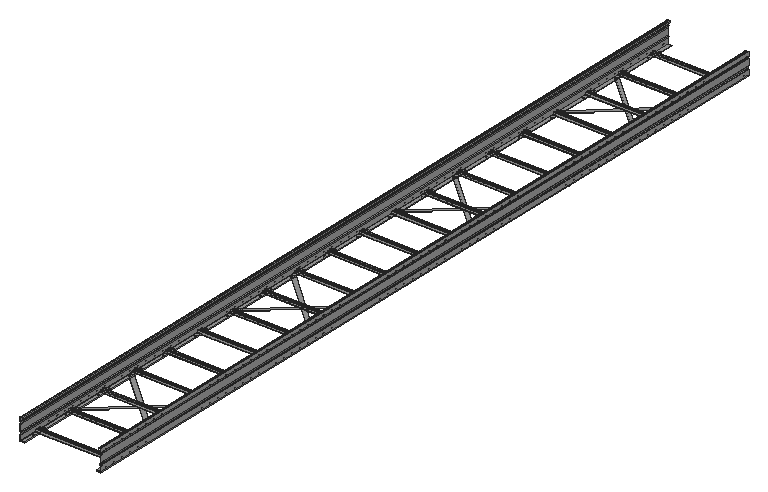
Revit family "WKLG 1660 03.09", category Generic Models, Revit 2017
Family settings
  Can host rebar = No
  Round Connector Dimension = Use Diameter
  Part Type = Normal
  Work Plane-Based = No
  Always vertical = Yes
  Cut with Voids When Loaded = No
  Shared = No
  Room Calculation Point = No
Parameters (values of type "WKLG 1660 FT SO")
  Width 1 = 600 mm / 2  # 300 mm
  Width = 600 mm
  URL = "http://www.obo-bettermann.com"
  Material = Hot-dip galvanised 85 µm
  Manufacturer Art.No. = "7189048"
  Manufacturer = "OBO Bettermann"
  Length = 6000 mm
  Height 1 = 2 mm
  Height = 160 mm
  GTIN = "4012195888581"
  Cut's space 3 = 1500 mm
  Cut's space 2 = 300 mm
  Cut's space = 75 mm
  Cut's number 3 = Length / Cut's space 3  # 4
  Cut's number 2 = Length / Cut's space 2  # 20
  Cut's number = Length / Cut's space  # 80
  Article Type = "WKLG 1660 FT SO"
Reference planes
  plane 1 "Center (Front/Back)": y = 0
  plane 2: z = 0
  plane 3 "Center (Left/Right)": x = 0
  plane 4: z = 160
  plane 5: z = 122
  plane 6: z = 52
  plane 7: z = 122
  plane 8: z = 52
  plane 9: z = 135.443
  plane 10: z = 110.964
  plane 11: z = 64.884
  plane 12: z = 139.96
  plane 13: z = 20
  plane 14: z = 159.96
  plane 15: y = 37.5
  plane 16: x = -272.683
  plane 17: x = -270.683
  plane 18: y = 150
  plane 19: y = 450
  plane 20: z = 18
  plane 21: y = 100
  plane 22: x = -282
  plane 23: x = -284.5
  plane 24: x = -284.5
  plane 25: x = -284.5
  plane 26: x = -284.5
  plane 27: x = -284.5
  plane 28: x = -284.5
  plane 29: x = -284.5
  plane 30: x = -284.5
  plane 31: x = -284.5
  plane 32: x = -284.5
  plane 33: x = -284.5
  plane 34: x = -284.5
  plane 35: x = -284.5
  plane 36: x = -284.5
  plane 37: x = -284.5
  plane 38: x = -284.5
  plane 39: x = -284.5
  plane 40: x = -284.5
  plane 41: x = -284.5
  plane 42: x = -284.5
  plane 43: y = 200
  plane 44: x = -284.493
  plane 45: x = -284.493
  plane 46: x = -284.493
  plane 47: x = -284.493
  plane 48: x = -284.493
  plane 49: x = -284.493
  plane 50: x = -284.493
  plane 51: x = -284.493
  plane 52: x = -284.493
  plane 53: x = -284.493
  plane 54: x = -284.493
  plane 55: x = -284.493
  plane 56: x = -284.493
  plane 57: x = -284.493
  plane 58: x = -284.493
  plane 59: x = -284.493
  plane 60: x = -284.493
  plane 61: x = -284.493
  plane 62: x = -284.493
  plane 63: x = -284.493
  plane 64: y = 100
  plane 65: x = 284.5
  plane 66: x = 284.5
  plane 67: x = 284.5
  plane 68: x = 284.5
  plane 69: x = 284.5
  plane 70: x = 284.5
  plane 71: x = 284.5
  plane 72: x = 284.5
  plane 73: x = 284.5
  plane 74: x = 284.5
  plane 75: x = 284.5
  plane 76: x = 284.5
  plane 77: x = 284.5
  plane 78: x = 284.5
  plane 79: x = 284.5
  plane 80: x = 284.5
  plane 81: x = 284.5
  plane 82: x = 284.5
  plane 83: x = 284.5
  plane 84: x = 284.5
  plane 85: y = 200
  plane 86: x = 284.5
  plane 87: x = 284.5
  plane 88: x = 284.5
  plane 89: x = 284.5
  plane 90: x = 284.5
  plane 91: x = 284.5
  plane 92: x = 284.5
  plane 93: x = 284.5
  plane 94: x = 284.5
  plane 95: x = 284.5
  plane 96: x = 284.5
  plane 97: x = 284.5
  plane 98: x = 284.5
  plane 99: x = 284.5
  plane 100: x = 284.5
  plane 101: x = 284.5
  plane 102: x = 284.5
  plane 103: x = 284.5
  plane 104: x = 284.5
  plane 105: x = 284.5
  plane 106: x = -287.5
  plane 107: x = -257.5
  plane 108: x = 287.5
  plane 109: x = 257.5
  plane 110: x = -284.75
  plane 111: x = -254
  plane 112: x = 261
  plane 113: x = 290.21
  plane 114: z = 18
  plane 115: x = -257.5
  plane 116: x = 287.5
  plane 117: x = 257.5
  plane 118: x = -284.75
  plane 119: x = -254
  plane 120: x = 261
  plane 121: x = 290.21
  plane 122: z = 18
  plane 123: x = -257.5
  plane 124: x = 287.5
  plane 125: x = 257.5
  plane 126: x = -284.75
  plane 127: x = -254
  plane 128: x = 261
  plane 129: x = 290.21
  plane 130: z = 18
  plane 131: x = -257.5
  plane 132: x = 287.5
  plane 133: x = 257.5
  plane 134: x = -284.75
  plane 135: x = -254
  plane 136: x = 261
  plane 137: x = 290.21
  plane 138: z = 18
  plane 139: x = -257.5
  plane 140: x = 287.5
  plane 141: x = 257.5
  plane 142: x = -284.75
  plane 143: x = -254
  plane 144: x = 261
  plane 145: x = 290.21
  plane 146: z = 18
  plane 147: x = -257.5
  plane 148: x = 287.5
  plane 149: x = 257.5
  plane 150: x = -284.75
  plane 151: x = -254
  plane 152: x = 261
  plane 153: x = 290.21
  plane 154: z = 18
  plane 155: x = -257.5
  plane 156: x = 287.5
  plane 157: x = 257.5
  plane 158: x = -284.75
  plane 159: x = -254
  plane 160: x = 261
  plane 161: x = 290.21
  plane 162: z = 18
  plane 163: x = -257.5
  plane 164: x = 287.5
  plane 165: x = 257.5
  plane 166: x = -284.75
  plane 167: x = -254
  plane 168: x = 261
  plane 169: x = 290.21
  plane 170: z = 18
  plane 171: x = -257.5
  plane 172: x = 287.5
  plane 173: x = 257.5
  plane 174: x = -284.75
  plane 175: x = -254
  plane 176: x = 261
  plane 177: x = 290.21
  plane 178: z = 18
  plane 179: x = -257.5
  plane 180: x = 287.5
  plane 181: x = 257.5
  plane 182: x = -284.75
  plane 183: x = -254
  plane 184: x = 261
  plane 185: x = 290.21
  plane 186: z = 18
  plane 187: x = -257.5
  plane 188: x = 287.5
  plane 189: x = 257.5
  plane 190: x = -284.75
  plane 191: x = -254
  plane 192: x = 261
  plane 193: x = 290.21
  plane 194: z = 18
  plane 195: x = -257.5
  plane 196: x = 287.5
  plane 197: x = 257.5
  plane 198: x = -284.75
  plane 199: x = -254
  plane 200: x = 261
  plane 201: x = 290.21
  plane 202: z = 18
  plane 203: x = -257.5
  plane 204: x = 287.5
  plane 205: x = 257.5
  plane 206: x = -284.75
  plane 207: x = -254
  plane 208: x = 261
  plane 209: x = 290.21
  plane 210: z = 18
  plane 211: x = -257.5
  plane 212: x = 287.5
  plane 213: x = 257.5
  plane 214: x = -284.75
  plane 215: x = -254
  plane 216: x = 261
  plane 217: x = 290.21
  plane 218: z = 18
  plane 219: x = -257.5
  plane 220: x = 287.5
  plane 221: x = 257.5
  plane 222: x = -284.75
  plane 223: x = -254
  plane 224: x = 261
  plane 225: x = 290.21
  plane 226: z = 18
  plane 227: x = -257.5
  plane 228: x = 287.5
  plane 229: x = 257.5
  plane 230: x = -284.75
  plane 231: x = -254
  plane 232: x = 261
  plane 233: x = 290.21
  plane 234: z = 18
  plane 235: x = -257.5
  plane 236: x = 287.5
  plane 237: x = 257.5
  plane 238: x = -284.75
  plane 239: x = -254
  plane 240: x = 261
  plane 241: x = 290.21
  plane 242: z = 18
  plane 243: x = -257.5
  plane 244: x = 287.5
  plane 245: x = 257.5
  plane 246: x = -284.75
  plane 247: x = -254
  plane 248: x = 261
  plane 249: x = 290.21
  plane 250: z = 18
  plane 251: x = -257.5
  plane 252: x = 287.5
  plane 253: x = 257.5
  plane 254: x = -284.75
  plane 255: x = -254
  plane 256: x = 261
  plane 257: x = 290.21
  plane 258: z = 18
  plane 259: x = -257.5
  plane 260: x = 287.5
  plane 261: x = 257.5
  plane 262: x = -284.75
  plane 263: x = -254
  plane 264: x = 261
  plane 265: x = 290.21
  plane 266: z = 18
  plane 267: x = -257.5
  plane 268: x = 287.5
  plane 269: x = 257.5
  plane 270: x = -284.75
  plane 271: x = -254
  plane 272: x = 261
  plane 273: x = 290.21
Forms (mm)
  Extrusion 1, solid, material "Hot-dip galvanised 85 µm" <- "Material"
    sketch origin (0, 0, 0) x (1, 0, 0) y (0, 0, 1)
      loop
        line (-300, 158.5) -> (-300, 133.943)
        arc (-300, 133.943) -> (-299.953, 133.511) -> (-299.813, 133.098) r 2
        line (-299.813, 133.098) -> (-295.831, 124.56)
        arc (-295.831, 124.56) -> (-295.363, 122.491) -> (-295.795, 120.413) r 5
        line (-295.795, 120.413) -> (-299.827, 111.357)
        arc (-299.827, 111.357) -> (-299.956, 110.959) -> (-300, 110.544) r 2
        line (-300, 110.544) -> (-300, 65.327)
        arc (-300, 65.327) -> (-299.953, 64.894) -> (-299.813, 64.482) r 2
        line (-299.813, 64.482) -> (-295.092, 54.359)
        arc (-295.092, 54.359) -> (-294.628, 52.028) -> (-295.294, 49.746) r 5
        line (-295.294, 49.746) -> (-299.732, 42.058)
        arc (-299.732, 42.058) -> (-299.932, 41.576) -> (-300, 41.058) r 2
        line (-300, 41.058) -> (-300, 1.5)
        arc (-300, 1.5) -> (-299.561, 0.439) -> (-298.5, 0) r 1.5
        line (-298.5, 0) -> (-265, 0) -> (-265, 2) -> (-296.5, 2)
        arc (-296.5, 2) -> (-297.561, 2.439) -> (-298, 3.5) r 1.5
        line (-298, 3.5) -> (-298, 40.522)
        arc (-298, 40.522) -> (-297.932, 41.04) -> (-297.732, 41.522) r 2
        line (-297.732, 41.522) -> (-293.561, 48.746)
        arc (-293.561, 48.746) -> (-292.63, 51.941) -> (-293.28, 55.204) r 7
        line (-293.28, 55.204) -> (-297.813, 64.925)
        arc (-297.813, 64.925) -> (-297.953, 65.338) -> (-298, 65.771) r 2
        line (-298, 65.771) -> (-298, 110.119)
        arc (-298, 110.119) -> (-297.956, 110.534) -> (-297.827, 110.932) r 2
        line (-297.827, 110.932) -> (-293.968, 119.6)
        arc (-293.968, 119.6) -> (-293.363, 122.508) -> (-294.019, 125.405) r 7
        line (-294.019, 125.405) -> (-297.813, 133.542)
        arc (-297.813, 133.542) -> (-297.953, 133.954) -> (-298, 134.387) r 2
        line (-298, 134.387) -> (-298, 156.5)
        arc (-298, 156.5) -> (-297.561, 157.561) -> (-296.5, 158) r 1.5
        line (-296.5, 158) -> (-283.5, 158)
        arc (-283.5, 158) -> (-282.439, 157.561) -> (-282, 156.5) r 1.5
        line (-282, 156.5) -> (-282, 150) -> (-280, 150) -> (-280, 158.5)
        arc (-280, 158.5) -> (-280.439, 159.561) -> (-281.5, 160) r 1.5
        line (-281.5, 160) -> (-298.5, 160)
        arc (-298.5, 160) -> (-299.561, 159.561) -> (-300, 158.5) r 1.5
      loop
        arc (282, 156.5) -> (282.439, 157.561) -> (283.5, 158) r 1.5
        line (283.5, 158) -> (296.5, 158)
        arc (296.5, 158) -> (297.561, 157.561) -> (298, 156.5) r 1.5
        line (298, 156.5) -> (298, 128.971)
        arc (298, 128.971) -> (297.932, 128.453) -> (297.732, 127.971) r 2
        line (297.732, 127.971) -> (296.208, 125.331)
        arc (296.208, 125.331) -> (295.271, 121.979) -> (296.065, 118.591) r 7
        line (296.065, 118.591) -> (297.773, 115.319)
        arc (297.773, 115.319) -> (297.942, 114.87) -> (298, 114.393) r 2
        line (298, 114.393) -> (298, 64.884)
        arc (298, 64.884) -> (297.953, 64.451) -> (297.813, 64.039) r 2
        line (297.813, 64.039) -> (293.693, 55.204)
        arc (293.693, 55.204) -> (293.044, 51.941) -> (293.975, 48.746) r 7
        line (293.975, 48.746) -> (297.732, 42.238)
        arc (297.732, 42.238) -> (297.932, 41.756) -> (298, 41.238) r 2
        line (298, 41.238) -> (298, 3.5)
        arc (298, 3.5) -> (297.561, 2.439) -> (296.5, 2) r 1.5
        line (296.5, 2) -> (265, 2) -> (265, 0) -> (298.5, 0)
        arc (298.5, 0) -> (299.561, 0.439) -> (300, 1.5) r 1.5
        line (300, 1.5) -> (300, 41.774)
        arc (300, 41.774) -> (299.932, 42.292) -> (299.732, 42.774) r 2
        line (299.732, 42.774) -> (295.707, 49.746)
        arc (295.707, 49.746) -> (295.042, 52.028) -> (295.506, 54.359) r 5
        line (295.506, 54.359) -> (299.813, 63.595)
        arc (299.813, 63.595) -> (299.953, 64.008) -> (300, 64.441) r 2
        line (300, 64.441) -> (300, 114.884)
        arc (300, 114.884) -> (299.942, 115.36) -> (299.773, 115.81) r 2
        line (299.773, 115.81) -> (297.838, 119.516)
        arc (297.838, 119.516) -> (297.271, 121.937) -> (297.94, 124.331) r 5
        line (297.94, 124.331) -> (299.732, 127.435)
        arc (299.732, 127.435) -> (299.932, 127.917) -> (300, 128.435) r 2
        line (300, 128.435) -> (300, 158.5)
        arc (300, 158.5) -> (299.561, 159.561) -> (298.5, 160) r 1.5
        line (298.5, 160) -> (281.5, 160)
        arc (281.5, 160) -> (280.439, 159.561) -> (280, 158.5) r 1.5
        line (280, 158.5) -> (280, 150) -> (282, 150) -> (282, 156.5)
    from -6000 to 0
  Extrusion 2, void
    sketch origin (0, 0, -120) x (0, 1, 0) y (0, 0, 1)
      loop
        line (49.5, 144.46) -> (25.5, 144.46)
        arc (25.5, 144.46) -> (25.146, 144.314) -> (25, 143.96) r 0.5
        line (25, 143.96) -> (25, 135.96)
        arc (25, 135.96) -> (25.146, 135.607) -> (25.5, 135.46) r 0.5
        line (25.5, 135.46) -> (49.5, 135.46)
        arc (49.5, 135.46) -> (49.854, 135.607) -> (50, 135.96) r 0.5
        line (50, 135.96) -> (50, 143.96)
        arc (50, 143.96) -> (49.854, 144.314) -> (49.5, 144.46) r 0.5
    from -300 to -298
  Extrusion 3, void
    sketch origin (0, 75, -120) x (0, 1, 0) y (0, 0, 1)
      loop
        line (49.5, 144.46) -> (25.5, 144.46)
        arc (25.5, 144.46) -> (25.146, 144.314) -> (25, 143.96) r 0.5
        line (25, 143.96) -> (25, 135.96)
        arc (25, 135.96) -> (25.146, 135.607) -> (25.5, 135.46) r 0.5
        line (25.5, 135.46) -> (49.5, 135.46)
        arc (49.5, 135.46) -> (49.854, 135.607) -> (50, 135.96) r 0.5
        line (50, 135.96) -> (50, 143.96)
        arc (50, 143.96) -> (49.854, 144.314) -> (49.5, 144.46) r 0.5
    from -300 to -298
  Extrusion 4, void
    sketch origin (0, 150, -120) x (0, 1, 0) y (0, 0, 1)
      loop
        line (49.5, 144.46) -> (25.5, 144.46)
        arc (25.5, 144.46) -> (25.146, 144.314) -> (25, 143.96) r 0.5
        line (25, 143.96) -> (25, 135.96)
        arc (25, 135.96) -> (25.146, 135.607) -> (25.5, 135.46) r 0.5
        line (25.5, 135.46) -> (49.5, 135.46)
        arc (49.5, 135.46) -> (49.854, 135.607) -> (50, 135.96) r 0.5
        line (50, 135.96) -> (50, 143.96)
        arc (50, 143.96) -> (49.854, 144.314) -> (49.5, 144.46) r 0.5
    from -300 to -298
  Extrusion 5, void
    sketch origin (0, 225, -120) x (0, 1, 0) y (0, 0, 1)
      loop
        line (49.5, 144.46) -> (25.5, 144.46)
        arc (25.5, 144.46) -> (25.146, 144.314) -> (25, 143.96) r 0.5
        line (25, 143.96) -> (25, 135.96)
        arc (25, 135.96) -> (25.146, 135.607) -> (25.5, 135.46) r 0.5
        line (25.5, 135.46) -> (49.5, 135.46)
        arc (49.5, 135.46) -> (49.854, 135.607) -> (50, 135.96) r 0.5
        line (50, 135.96) -> (50, 143.96)
        arc (50, 143.96) -> (49.854, 144.314) -> (49.5, 144.46) r 0.5
    from -300 to -298
  Extrusion 6, void
    sketch origin (0, 300, -120) x (0, 1, 0) y (0, 0, 1)
      loop
        line (49.5, 144.46) -> (25.5, 144.46)
        arc (25.5, 144.46) -> (25.146, 144.314) -> (25, 143.96) r 0.5
        line (25, 143.96) -> (25, 135.96)
        arc (25, 135.96) -> (25.146, 135.607) -> (25.5, 135.46) r 0.5
        line (25.5, 135.46) -> (49.5, 135.46)
        arc (49.5, 135.46) -> (49.854, 135.607) -> (50, 135.96) r 0.5
        line (50, 135.96) -> (50, 143.96)
        arc (50, 143.96) -> (49.854, 144.314) -> (49.5, 144.46) r 0.5
    from -300 to -298
  Extrusion 7, void
    sketch origin (0, 375, -120) x (0, 1, 0) y (0, 0, 1)
      loop
        line (49.5, 144.46) -> (25.5, 144.46)
        arc (25.5, 144.46) -> (25.146, 144.314) -> (25, 143.96) r 0.5
        line (25, 143.96) -> (25, 135.96)
        arc (25, 135.96) -> (25.146, 135.607) -> (25.5, 135.46) r 0.5
        line (25.5, 135.46) -> (49.5, 135.46)
        arc (49.5, 135.46) -> (49.854, 135.607) -> (50, 135.96) r 0.5
        line (50, 135.96) -> (50, 143.96)
        arc (50, 143.96) -> (49.854, 144.314) -> (49.5, 144.46) r 0.5
    from -300 to -298
  Extrusion 8, void
    sketch origin (0, 450, -120) x (0, 1, 0) y (0, 0, 1)
      loop
        line (49.5, 144.46) -> (25.5, 144.46)
        arc (25.5, 144.46) -> (25.146, 144.314) -> (25, 143.96) r 0.5
        line (25, 143.96) -> (25, 135.96)
        arc (25, 135.96) -> (25.146, 135.607) -> (25.5, 135.46) r 0.5
        line (25.5, 135.46) -> (49.5, 135.46)
        arc (49.5, 135.46) -> (49.854, 135.607) -> (50, 135.96) r 0.5
        line (50, 135.96) -> (50, 143.96)
        arc (50, 143.96) -> (49.854, 144.314) -> (49.5, 144.46) r 0.5
    from -300 to -298
  Extrusion 9, void
    sketch origin (0, 525, -120) x (0, 1, 0) y (0, 0, 1)
      loop
        line (49.5, 144.46) -> (25.5, 144.46)
        arc (25.5, 144.46) -> (25.146, 144.314) -> (25, 143.96) r 0.5
        line (25, 143.96) -> (25, 135.96)
        arc (25, 135.96) -> (25.146, 135.607) -> (25.5, 135.46) r 0.5
        line (25.5, 135.46) -> (49.5, 135.46)
        arc (49.5, 135.46) -> (49.854, 135.607) -> (50, 135.96) r 0.5
        line (50, 135.96) -> (50, 143.96)
        arc (50, 143.96) -> (49.854, 144.314) -> (49.5, 144.46) r 0.5
    from -300 to -298
  Extrusion 10, void
    sketch origin (0, 600, -120) x (0, 1, 0) y (0, 0, 1)
      loop
        line (49.5, 144.46) -> (25.5, 144.46)
        arc (25.5, 144.46) -> (25.146, 144.314) -> (25, 143.96) r 0.5
        line (25, 143.96) -> (25, 135.96)
        arc (25, 135.96) -> (25.146, 135.607) -> (25.5, 135.46) r 0.5
        line (25.5, 135.46) -> (49.5, 135.46)
        arc (49.5, 135.46) -> (49.854, 135.607) -> (50, 135.96) r 0.5
        line (50, 135.96) -> (50, 143.96)
        arc (50, 143.96) -> (49.854, 144.314) -> (49.5, 144.46) r 0.5
    from -300 to -298
  Extrusion 11, void
    sketch origin (0, 675, -120) x (0, 1, 0) y (0, 0, 1)
      loop
        line (49.5, 144.46) -> (25.5, 144.46)
        arc (25.5, 144.46) -> (25.146, 144.314) -> (25, 143.96) r 0.5
        line (25, 143.96) -> (25, 135.96)
        arc (25, 135.96) -> (25.146, 135.607) -> (25.5, 135.46) r 0.5
        line (25.5, 135.46) -> (49.5, 135.46)
        arc (49.5, 135.46) -> (49.854, 135.607) -> (50, 135.96) r 0.5
        line (50, 135.96) -> (50, 143.96)
        arc (50, 143.96) -> (49.854, 144.314) -> (49.5, 144.46) r 0.5
    from -300 to -298
  Extrusion 12, void
    sketch origin (0, 750, -120) x (0, 1, 0) y (0, 0, 1)
      loop
        line (49.5, 144.46) -> (25.5, 144.46)
        arc (25.5, 144.46) -> (25.146, 144.314) -> (25, 143.96) r 0.5
        line (25, 143.96) -> (25, 135.96)
        arc (25, 135.96) -> (25.146, 135.607) -> (25.5, 135.46) r 0.5
        line (25.5, 135.46) -> (49.5, 135.46)
        arc (49.5, 135.46) -> (49.854, 135.607) -> (50, 135.96) r 0.5
        line (50, 135.96) -> (50, 143.96)
        arc (50, 143.96) -> (49.854, 144.314) -> (49.5, 144.46) r 0.5
    from -300 to -298
  Extrusion 13, void
    sketch origin (0, 825, -120) x (0, 1, 0) y (0, 0, 1)
      loop
        line (49.5, 144.46) -> (25.5, 144.46)
        arc (25.5, 144.46) -> (25.146, 144.314) -> (25, 143.96) r 0.5
        line (25, 143.96) -> (25, 135.96)
        arc (25, 135.96) -> (25.146, 135.607) -> (25.5, 135.46) r 0.5
        line (25.5, 135.46) -> (49.5, 135.46)
        arc (49.5, 135.46) -> (49.854, 135.607) -> (50, 135.96) r 0.5
        line (50, 135.96) -> (50, 143.96)
        arc (50, 143.96) -> (49.854, 144.314) -> (49.5, 144.46) r 0.5
    from -300 to -298
  Extrusion 14, void
    sketch origin (0, 900, -120) x (0, 1, 0) y (0, 0, 1)
      loop
        line (49.5, 144.46) -> (25.5, 144.46)
        arc (25.5, 144.46) -> (25.146, 144.314) -> (25, 143.96) r 0.5
        line (25, 143.96) -> (25, 135.96)
        arc (25, 135.96) -> (25.146, 135.607) -> (25.5, 135.46) r 0.5
        line (25.5, 135.46) -> (49.5, 135.46)
        arc (49.5, 135.46) -> (49.854, 135.607) -> (50, 135.96) r 0.5
        line (50, 135.96) -> (50, 143.96)
        arc (50, 143.96) -> (49.854, 144.314) -> (49.5, 144.46) r 0.5
    from -300 to -298
  Extrusion 15, void
    sketch origin (0, 975, -120) x (0, 1, 0) y (0, 0, 1)
      loop
        line (49.5, 144.46) -> (25.5, 144.46)
        arc (25.5, 144.46) -> (25.146, 144.314) -> (25, 143.96) r 0.5
        line (25, 143.96) -> (25, 135.96)
        arc (25, 135.96) -> (25.146, 135.607) -> (25.5, 135.46) r 0.5
        line (25.5, 135.46) -> (49.5, 135.46)
        arc (49.5, 135.46) -> (49.854, 135.607) -> (50, 135.96) r 0.5
        line (50, 135.96) -> (50, 143.96)
        arc (50, 143.96) -> (49.854, 144.314) -> (49.5, 144.46) r 0.5
    from -300 to -298
  Extrusion 16, void
    sketch origin (0, 1050, -120) x (0, 1, 0) y (0, 0, 1)
      loop
        line (49.5, 144.46) -> (25.5, 144.46)
        arc (25.5, 144.46) -> (25.146, 144.314) -> (25, 143.96) r 0.5
        line (25, 143.96) -> (25, 135.96)
        arc (25, 135.96) -> (25.146, 135.607) -> (25.5, 135.46) r 0.5
        line (25.5, 135.46) -> (49.5, 135.46)
        arc (49.5, 135.46) -> (49.854, 135.607) -> (50, 135.96) r 0.5
        line (50, 135.96) -> (50, 143.96)
        arc (50, 143.96) -> (49.854, 144.314) -> (49.5, 144.46) r 0.5
    from -300 to -298
  Extrusion 17, void
    sketch origin (0, 1125, -120) x (0, 1, 0) y (0, 0, 1)
      loop
        line (49.5, 144.46) -> (25.5, 144.46)
        arc (25.5, 144.46) -> (25.146, 144.314) -> (25, 143.96) r 0.5
        line (25, 143.96) -> (25, 135.96)
        arc (25, 135.96) -> (25.146, 135.607) -> (25.5, 135.46) r 0.5
        line (25.5, 135.46) -> (49.5, 135.46)
        arc (49.5, 135.46) -> (49.854, 135.607) -> (50, 135.96) r 0.5
        line (50, 135.96) -> (50, 143.96)
        arc (50, 143.96) -> (49.854, 144.314) -> (49.5, 144.46) r 0.5
    from -300 to -298
  Extrusion 18, void
    sketch origin (0, 1200, -120) x (0, 1, 0) y (0, 0, 1)
      loop
        line (49.5, 144.46) -> (25.5, 144.46)
        arc (25.5, 144.46) -> (25.146, 144.314) -> (25, 143.96) r 0.5
        line (25, 143.96) -> (25, 135.96)
        arc (25, 135.96) -> (25.146, 135.607) -> (25.5, 135.46) r 0.5
        line (25.5, 135.46) -> (49.5, 135.46)
        arc (49.5, 135.46) -> (49.854, 135.607) -> (50, 135.96) r 0.5
        line (50, 135.96) -> (50, 143.96)
        arc (50, 143.96) -> (49.854, 144.314) -> (49.5, 144.46) r 0.5
    from -300 to -298
  Extrusion 19, void
    sketch origin (0, 1275, -120) x (0, 1, 0) y (0, 0, 1)
      loop
        line (49.5, 144.46) -> (25.5, 144.46)
        arc (25.5, 144.46) -> (25.146, 144.314) -> (25, 143.96) r 0.5
        line (25, 143.96) -> (25, 135.96)
        arc (25, 135.96) -> (25.146, 135.607) -> (25.5, 135.46) r 0.5
        line (25.5, 135.46) -> (49.5, 135.46)
        arc (49.5, 135.46) -> (49.854, 135.607) -> (50, 135.96) r 0.5
        line (50, 135.96) -> (50, 143.96)
        arc (50, 143.96) -> (49.854, 144.314) -> (49.5, 144.46) r 0.5
    from -300 to -298
  Extrusion 20, void
    sketch origin (0, 1350, -120) x (0, 1, 0) y (0, 0, 1)
      loop
        line (49.5, 144.46) -> (25.5, 144.46)
        arc (25.5, 144.46) -> (25.146, 144.314) -> (25, 143.96) r 0.5
        line (25, 143.96) -> (25, 135.96)
        arc (25, 135.96) -> (25.146, 135.607) -> (25.5, 135.46) r 0.5
        line (25.5, 135.46) -> (49.5, 135.46)
        arc (49.5, 135.46) -> (49.854, 135.607) -> (50, 135.96) r 0.5
        line (50, 135.96) -> (50, 143.96)
        arc (50, 143.96) -> (49.854, 144.314) -> (49.5, 144.46) r 0.5
    from -300 to -298
  Extrusion 21, void
    sketch origin (0, 1425, -120) x (0, 1, 0) y (0, 0, 1)
      loop
        line (49.5, 144.46) -> (25.5, 144.46)
        arc (25.5, 144.46) -> (25.146, 144.314) -> (25, 143.96) r 0.5
        line (25, 143.96) -> (25, 135.96)
        arc (25, 135.96) -> (25.146, 135.607) -> (25.5, 135.46) r 0.5
        line (25.5, 135.46) -> (49.5, 135.46)
        arc (49.5, 135.46) -> (49.854, 135.607) -> (50, 135.96) r 0.5
        line (50, 135.96) -> (50, 143.96)
        arc (50, 143.96) -> (49.854, 144.314) -> (49.5, 144.46) r 0.5
    from -300 to -298
  Extrusion 22, void
    sketch origin (0, 1500, -120) x (0, 1, 0) y (0, 0, 1)
      loop
        line (49.5, 144.46) -> (25.5, 144.46)
        arc (25.5, 144.46) -> (25.146, 144.314) -> (25, 143.96) r 0.5
        line (25, 143.96) -> (25, 135.96)
        arc (25, 135.96) -> (25.146, 135.607) -> (25.5, 135.46) r 0.5
        line (25.5, 135.46) -> (49.5, 135.46)
        arc (49.5, 135.46) -> (49.854, 135.607) -> (50, 135.96) r 0.5
        line (50, 135.96) -> (50, 143.96)
        arc (50, 143.96) -> (49.854, 144.314) -> (49.5, 144.46) r 0.5
    from -300 to -298
  Extrusion 23, void
    sketch origin (0, 1575, -120) x (0, 1, 0) y (0, 0, 1)
      loop
        line (49.5, 144.46) -> (25.5, 144.46)
        arc (25.5, 144.46) -> (25.146, 144.314) -> (25, 143.96) r 0.5
        line (25, 143.96) -> (25, 135.96)
        arc (25, 135.96) -> (25.146, 135.607) -> (25.5, 135.46) r 0.5
        line (25.5, 135.46) -> (49.5, 135.46)
        arc (49.5, 135.46) -> (49.854, 135.607) -> (50, 135.96) r 0.5
        line (50, 135.96) -> (50, 143.96)
        arc (50, 143.96) -> (49.854, 144.314) -> (49.5, 144.46) r 0.5
    from -300 to -298
  Extrusion 24, void
    sketch origin (0, 1650, -120) x (0, 1, 0) y (0, 0, 1)
      loop
        line (49.5, 144.46) -> (25.5, 144.46)
        arc (25.5, 144.46) -> (25.146, 144.314) -> (25, 143.96) r 0.5
        line (25, 143.96) -> (25, 135.96)
        arc (25, 135.96) -> (25.146, 135.607) -> (25.5, 135.46) r 0.5
        line (25.5, 135.46) -> (49.5, 135.46)
        arc (49.5, 135.46) -> (49.854, 135.607) -> (50, 135.96) r 0.5
        line (50, 135.96) -> (50, 143.96)
        arc (50, 143.96) -> (49.854, 144.314) -> (49.5, 144.46) r 0.5
    from -300 to -298
  Extrusion 25, void
    sketch origin (0, 1725, -120) x (0, 1, 0) y (0, 0, 1)
      loop
        line (49.5, 144.46) -> (25.5, 144.46)
        arc (25.5, 144.46) -> (25.146, 144.314) -> (25, 143.96) r 0.5
        line (25, 143.96) -> (25, 135.96)
        arc (25, 135.96) -> (25.146, 135.607) -> (25.5, 135.46) r 0.5
        line (25.5, 135.46) -> (49.5, 135.46)
        arc (49.5, 135.46) -> (49.854, 135.607) -> (50, 135.96) r 0.5
        line (50, 135.96) -> (50, 143.96)
        arc (50, 143.96) -> (49.854, 144.314) -> (49.5, 144.46) r 0.5
    from -300 to -298
  Extrusion 26, void
    sketch origin (0, 1800, -120) x (0, 1, 0) y (0, 0, 1)
      loop
        line (49.5, 144.46) -> (25.5, 144.46)
        arc (25.5, 144.46) -> (25.146, 144.314) -> (25, 143.96) r 0.5
        line (25, 143.96) -> (25, 135.96)
        arc (25, 135.96) -> (25.146, 135.607) -> (25.5, 135.46) r 0.5
        line (25.5, 135.46) -> (49.5, 135.46)
        arc (49.5, 135.46) -> (49.854, 135.607) -> (50, 135.96) r 0.5
        line (50, 135.96) -> (50, 143.96)
        arc (50, 143.96) -> (49.854, 144.314) -> (49.5, 144.46) r 0.5
    from -300 to -298
  Extrusion 27, void
    sketch origin (0, 1875, -120) x (0, 1, 0) y (0, 0, 1)
      loop
        line (49.5, 144.46) -> (25.5, 144.46)
        arc (25.5, 144.46) -> (25.146, 144.314) -> (25, 143.96) r 0.5
        line (25, 143.96) -> (25, 135.96)
        arc (25, 135.96) -> (25.146, 135.607) -> (25.5, 135.46) r 0.5
        line (25.5, 135.46) -> (49.5, 135.46)
        arc (49.5, 135.46) -> (49.854, 135.607) -> (50, 135.96) r 0.5
        line (50, 135.96) -> (50, 143.96)
        arc (50, 143.96) -> (49.854, 144.314) -> (49.5, 144.46) r 0.5
    from -300 to -298
  Extrusion 28, void
    sketch origin (0, 1950, -120) x (0, 1, 0) y (0, 0, 1)
      loop
        line (49.5, 144.46) -> (25.5, 144.46)
        arc (25.5, 144.46) -> (25.146, 144.314) -> (25, 143.96) r 0.5
        line (25, 143.96) -> (25, 135.96)
        arc (25, 135.96) -> (25.146, 135.607) -> (25.5, 135.46) r 0.5
        line (25.5, 135.46) -> (49.5, 135.46)
        arc (49.5, 135.46) -> (49.854, 135.607) -> (50, 135.96) r 0.5
        line (50, 135.96) -> (50, 143.96)
        arc (50, 143.96) -> (49.854, 144.314) -> (49.5, 144.46) r 0.5
    from -300 to -298
  Extrusion 29, void
    sketch origin (0, 2025, -120) x (0, 1, 0) y (0, 0, 1)
      loop
        line (49.5, 144.46) -> (25.5, 144.46)
        arc (25.5, 144.46) -> (25.146, 144.314) -> (25, 143.96) r 0.5
        line (25, 143.96) -> (25, 135.96)
        arc (25, 135.96) -> (25.146, 135.607) -> (25.5, 135.46) r 0.5
        line (25.5, 135.46) -> (49.5, 135.46)
        arc (49.5, 135.46) -> (49.854, 135.607) -> (50, 135.96) r 0.5
        line (50, 135.96) -> (50, 143.96)
        arc (50, 143.96) -> (49.854, 144.314) -> (49.5, 144.46) r 0.5
    from -300 to -298
  Extrusion 30, void
    sketch origin (0, 2100, -120) x (0, 1, 0) y (0, 0, 1)
      loop
        line (49.5, 144.46) -> (25.5, 144.46)
        arc (25.5, 144.46) -> (25.146, 144.314) -> (25, 143.96) r 0.5
        line (25, 143.96) -> (25, 135.96)
        arc (25, 135.96) -> (25.146, 135.607) -> (25.5, 135.46) r 0.5
        line (25.5, 135.46) -> (49.5, 135.46)
        arc (49.5, 135.46) -> (49.854, 135.607) -> (50, 135.96) r 0.5
        line (50, 135.96) -> (50, 143.96)
        arc (50, 143.96) -> (49.854, 144.314) -> (49.5, 144.46) r 0.5
    from -300 to -298
  Extrusion 31, void
    sketch origin (0, 2175, -120) x (0, 1, 0) y (0, 0, 1)
      loop
        line (49.5, 144.46) -> (25.5, 144.46)
        arc (25.5, 144.46) -> (25.146, 144.314) -> (25, 143.96) r 0.5
        line (25, 143.96) -> (25, 135.96)
        arc (25, 135.96) -> (25.146, 135.607) -> (25.5, 135.46) r 0.5
        line (25.5, 135.46) -> (49.5, 135.46)
        arc (49.5, 135.46) -> (49.854, 135.607) -> (50, 135.96) r 0.5
        line (50, 135.96) -> (50, 143.96)
        arc (50, 143.96) -> (49.854, 144.314) -> (49.5, 144.46) r 0.5
    from -300 to -298
  Extrusion 32, void
    sketch origin (0, 2250, -120) x (0, 1, 0) y (0, 0, 1)
      loop
        line (49.5, 144.46) -> (25.5, 144.46)
        arc (25.5, 144.46) -> (25.146, 144.314) -> (25, 143.96) r 0.5
        line (25, 143.96) -> (25, 135.96)
        arc (25, 135.96) -> (25.146, 135.607) -> (25.5, 135.46) r 0.5
        line (25.5, 135.46) -> (49.5, 135.46)
        arc (49.5, 135.46) -> (49.854, 135.607) -> (50, 135.96) r 0.5
        line (50, 135.96) -> (50, 143.96)
        arc (50, 143.96) -> (49.854, 144.314) -> (49.5, 144.46) r 0.5
    from -300 to -298
  Extrusion 33, void
    sketch origin (0, 2325, -120) x (0, 1, 0) y (0, 0, 1)
      loop
        line (49.5, 144.46) -> (25.5, 144.46)
        arc (25.5, 144.46) -> (25.146, 144.314) -> (25, 143.96) r 0.5
        line (25, 143.96) -> (25, 135.96)
        arc (25, 135.96) -> (25.146, 135.607) -> (25.5, 135.46) r 0.5
        line (25.5, 135.46) -> (49.5, 135.46)
        arc (49.5, 135.46) -> (49.854, 135.607) -> (50, 135.96) r 0.5
        line (50, 135.96) -> (50, 143.96)
        arc (50, 143.96) -> (49.854, 144.314) -> (49.5, 144.46) r 0.5
    from -300 to -298
  Extrusion 34, void
    sketch origin (0, 2400, -120) x (0, 1, 0) y (0, 0, 1)
      loop
        line (49.5, 144.46) -> (25.5, 144.46)
        arc (25.5, 144.46) -> (25.146, 144.314) -> (25, 143.96) r 0.5
        line (25, 143.96) -> (25, 135.96)
        arc (25, 135.96) -> (25.146, 135.607) -> (25.5, 135.46) r 0.5
        line (25.5, 135.46) -> (49.5, 135.46)
        arc (49.5, 135.46) -> (49.854, 135.607) -> (50, 135.96) r 0.5
        line (50, 135.96) -> (50, 143.96)
        arc (50, 143.96) -> (49.854, 144.314) -> (49.5, 144.46) r 0.5
    from -300 to -298
  Extrusion 35, void
    sketch origin (0, 2475, -120) x (0, 1, 0) y (0, 0, 1)
      loop
        line (49.5, 144.46) -> (25.5, 144.46)
        arc (25.5, 144.46) -> (25.146, 144.314) -> (25, 143.96) r 0.5
        line (25, 143.96) -> (25, 135.96)
        arc (25, 135.96) -> (25.146, 135.607) -> (25.5, 135.46) r 0.5
        line (25.5, 135.46) -> (49.5, 135.46)
        arc (49.5, 135.46) -> (49.854, 135.607) -> (50, 135.96) r 0.5
        line (50, 135.96) -> (50, 143.96)
        arc (50, 143.96) -> (49.854, 144.314) -> (49.5, 144.46) r 0.5
    from -300 to -298
  Extrusion 36, void
    sketch origin (0, 2550, -120) x (0, 1, 0) y (0, 0, 1)
      loop
        line (49.5, 144.46) -> (25.5, 144.46)
        arc (25.5, 144.46) -> (25.146, 144.314) -> (25, 143.96) r 0.5
        line (25, 143.96) -> (25, 135.96)
        arc (25, 135.96) -> (25.146, 135.607) -> (25.5, 135.46) r 0.5
        line (25.5, 135.46) -> (49.5, 135.46)
        arc (49.5, 135.46) -> (49.854, 135.607) -> (50, 135.96) r 0.5
        line (50, 135.96) -> (50, 143.96)
        arc (50, 143.96) -> (49.854, 144.314) -> (49.5, 144.46) r 0.5
    from -300 to -298
  Extrusion 37, void
    sketch origin (0, 2625, -120) x (0, 1, 0) y (0, 0, 1)
      loop
        line (49.5, 144.46) -> (25.5, 144.46)
        arc (25.5, 144.46) -> (25.146, 144.314) -> (25, 143.96) r 0.5
        line (25, 143.96) -> (25, 135.96)
        arc (25, 135.96) -> (25.146, 135.607) -> (25.5, 135.46) r 0.5
        line (25.5, 135.46) -> (49.5, 135.46)
        arc (49.5, 135.46) -> (49.854, 135.607) -> (50, 135.96) r 0.5
        line (50, 135.96) -> (50, 143.96)
        arc (50, 143.96) -> (49.854, 144.314) -> (49.5, 144.46) r 0.5
    from -300 to -298
  Extrusion 38, void
    sketch origin (0, 2700, -120) x (0, 1, 0) y (0, 0, 1)
      loop
        line (49.5, 144.46) -> (25.5, 144.46)
        arc (25.5, 144.46) -> (25.146, 144.314) -> (25, 143.96) r 0.5
        line (25, 143.96) -> (25, 135.96)
        arc (25, 135.96) -> (25.146, 135.607) -> (25.5, 135.46) r 0.5
        line (25.5, 135.46) -> (49.5, 135.46)
        arc (49.5, 135.46) -> (49.854, 135.607) -> (50, 135.96) r 0.5
        line (50, 135.96) -> (50, 143.96)
        arc (50, 143.96) -> (49.854, 144.314) -> (49.5, 144.46) r 0.5
    from -300 to -298
  Extrusion 39, void
    sketch origin (0, 2775, -120) x (0, 1, 0) y (0, 0, 1)
      loop
        line (49.5, 144.46) -> (25.5, 144.46)
        arc (25.5, 144.46) -> (25.146, 144.314) -> (25, 143.96) r 0.5
        line (25, 143.96) -> (25, 135.96)
        arc (25, 135.96) -> (25.146, 135.607) -> (25.5, 135.46) r 0.5
        line (25.5, 135.46) -> (49.5, 135.46)
        arc (49.5, 135.46) -> (49.854, 135.607) -> (50, 135.96) r 0.5
        line (50, 135.96) -> (50, 143.96)
        arc (50, 143.96) -> (49.854, 144.314) -> (49.5, 144.46) r 0.5
    from -300 to -298
  Extrusion 40, void
    sketch origin (0, 2850, -120) x (0, 1, 0) y (0, 0, 1)
      loop
        line (49.5, 144.46) -> (25.5, 144.46)
        arc (25.5, 144.46) -> (25.146, 144.314) -> (25, 143.96) r 0.5
        line (25, 143.96) -> (25, 135.96)
        arc (25, 135.96) -> (25.146, 135.607) -> (25.5, 135.46) r 0.5
        line (25.5, 135.46) -> (49.5, 135.46)
        arc (49.5, 135.46) -> (49.854, 135.607) -> (50, 135.96) r 0.5
        line (50, 135.96) -> (50, 143.96)
        arc (50, 143.96) -> (49.854, 144.314) -> (49.5, 144.46) r 0.5
    from -300 to -298
  Extrusion 41, void
    sketch origin (0, 2925, -120) x (0, 1, 0) y (0, 0, 1)
      loop
        line (49.5, 144.46) -> (25.5, 144.46)
        arc (25.5, 144.46) -> (25.146, 144.314) -> (25, 143.96) r 0.5
        line (25, 143.96) -> (25, 135.96)
        arc (25, 135.96) -> (25.146, 135.607) -> (25.5, 135.46) r 0.5
        line (25.5, 135.46) -> (49.5, 135.46)
        arc (49.5, 135.46) -> (49.854, 135.607) -> (50, 135.96) r 0.5
        line (50, 135.96) -> (50, 143.96)
        arc (50, 143.96) -> (49.854, 144.314) -> (49.5, 144.46) r 0.5
    from -300 to -298
  Extrusion 42, void
    sketch origin (0, 3000, -120) x (0, 1, 0) y (0, 0, 1)
      loop
        line (49.5, 144.46) -> (25.5, 144.46)
        arc (25.5, 144.46) -> (25.146, 144.314) -> (25, 143.96) r 0.5
        line (25, 143.96) -> (25, 135.96)
        arc (25, 135.96) -> (25.146, 135.607) -> (25.5, 135.46) r 0.5
        line (25.5, 135.46) -> (49.5, 135.46)
        arc (49.5, 135.46) -> (49.854, 135.607) -> (50, 135.96) r 0.5
        line (50, 135.96) -> (50, 143.96)
        arc (50, 143.96) -> (49.854, 144.314) -> (49.5, 144.46) r 0.5
    from -300 to -298
  Extrusion 43, void
    sketch origin (0, 3075, -120) x (0, 1, 0) y (0, 0, 1)
      loop
        line (49.5, 144.46) -> (25.5, 144.46)
        arc (25.5, 144.46) -> (25.146, 144.314) -> (25, 143.96) r 0.5
        line (25, 143.96) -> (25, 135.96)
        arc (25, 135.96) -> (25.146, 135.607) -> (25.5, 135.46) r 0.5
        line (25.5, 135.46) -> (49.5, 135.46)
        arc (49.5, 135.46) -> (49.854, 135.607) -> (50, 135.96) r 0.5
        line (50, 135.96) -> (50, 143.96)
        arc (50, 143.96) -> (49.854, 144.314) -> (49.5, 144.46) r 0.5
    from -300 to -298
  Extrusion 44, void
    sketch origin (0, 3150, -120) x (0, 1, 0) y (0, 0, 1)
      loop
        line (49.5, 144.46) -> (25.5, 144.46)
        arc (25.5, 144.46) -> (25.146, 144.314) -> (25, 143.96) r 0.5
        line (25, 143.96) -> (25, 135.96)
        arc (25, 135.96) -> (25.146, 135.607) -> (25.5, 135.46) r 0.5
        line (25.5, 135.46) -> (49.5, 135.46)
        arc (49.5, 135.46) -> (49.854, 135.607) -> (50, 135.96) r 0.5
        line (50, 135.96) -> (50, 143.96)
        arc (50, 143.96) -> (49.854, 144.314) -> (49.5, 144.46) r 0.5
    from -300 to -298
  Extrusion 45, void
    sketch origin (0, 3225, -120) x (0, 1, 0) y (0, 0, 1)
      loop
        line (49.5, 144.46) -> (25.5, 144.46)
        arc (25.5, 144.46) -> (25.146, 144.314) -> (25, 143.96) r 0.5
        line (25, 143.96) -> (25, 135.96)
        arc (25, 135.96) -> (25.146, 135.607) -> (25.5, 135.46) r 0.5
        line (25.5, 135.46) -> (49.5, 135.46)
        arc (49.5, 135.46) -> (49.854, 135.607) -> (50, 135.96) r 0.5
        line (50, 135.96) -> (50, 143.96)
        arc (50, 143.96) -> (49.854, 144.314) -> (49.5, 144.46) r 0.5
    from -300 to -298
  Extrusion 46, void
    sketch origin (0, 3300, -120) x (0, 1, 0) y (0, 0, 1)
      loop
        line (49.5, 144.46) -> (25.5, 144.46)
        arc (25.5, 144.46) -> (25.146, 144.314) -> (25, 143.96) r 0.5
        line (25, 143.96) -> (25, 135.96)
        arc (25, 135.96) -> (25.146, 135.607) -> (25.5, 135.46) r 0.5
        line (25.5, 135.46) -> (49.5, 135.46)
        arc (49.5, 135.46) -> (49.854, 135.607) -> (50, 135.96) r 0.5
        line (50, 135.96) -> (50, 143.96)
        arc (50, 143.96) -> (49.854, 144.314) -> (49.5, 144.46) r 0.5
    from -300 to -298
  Extrusion 47, void
    sketch origin (0, 3375, -120) x (0, 1, 0) y (0, 0, 1)
      loop
        line (49.5, 144.46) -> (25.5, 144.46)
        arc (25.5, 144.46) -> (25.146, 144.314) -> (25, 143.96) r 0.5
        line (25, 143.96) -> (25, 135.96)
        arc (25, 135.96) -> (25.146, 135.607) -> (25.5, 135.46) r 0.5
        line (25.5, 135.46) -> (49.5, 135.46)
        arc (49.5, 135.46) -> (49.854, 135.607) -> (50, 135.96) r 0.5
        line (50, 135.96) -> (50, 143.96)
        arc (50, 143.96) -> (49.854, 144.314) -> (49.5, 144.46) r 0.5
    from -300 to -298
  Extrusion 48, void
    sketch origin (0, 3450, -120) x (0, 1, 0) y (0, 0, 1)
      loop
        line (49.5, 144.46) -> (25.5, 144.46)
        arc (25.5, 144.46) -> (25.146, 144.314) -> (25, 143.96) r 0.5
        line (25, 143.96) -> (25, 135.96)
        arc (25, 135.96) -> (25.146, 135.607) -> (25.5, 135.46) r 0.5
        line (25.5, 135.46) -> (49.5, 135.46)
        arc (49.5, 135.46) -> (49.854, 135.607) -> (50, 135.96) r 0.5
        line (50, 135.96) -> (50, 143.96)
        arc (50, 143.96) -> (49.854, 144.314) -> (49.5, 144.46) r 0.5
    from -300 to -298
  Extrusion 49, void
    sketch origin (0, 3525, -120) x (0, 1, 0) y (0, 0, 1)
      loop
        line (49.5, 144.46) -> (25.5, 144.46)
        arc (25.5, 144.46) -> (25.146, 144.314) -> (25, 143.96) r 0.5
        line (25, 143.96) -> (25, 135.96)
        arc (25, 135.96) -> (25.146, 135.607) -> (25.5, 135.46) r 0.5
        line (25.5, 135.46) -> (49.5, 135.46)
        arc (49.5, 135.46) -> (49.854, 135.607) -> (50, 135.96) r 0.5
        line (50, 135.96) -> (50, 143.96)
        arc (50, 143.96) -> (49.854, 144.314) -> (49.5, 144.46) r 0.5
    from -300 to -298
  Extrusion 50, void
    sketch origin (0, 3600, -120) x (0, 1, 0) y (0, 0, 1)
      loop
        line (49.5, 144.46) -> (25.5, 144.46)
        arc (25.5, 144.46) -> (25.146, 144.314) -> (25, 143.96) r 0.5
        line (25, 143.96) -> (25, 135.96)
        arc (25, 135.96) -> (25.146, 135.607) -> (25.5, 135.46) r 0.5
        line (25.5, 135.46) -> (49.5, 135.46)
        arc (49.5, 135.46) -> (49.854, 135.607) -> (50, 135.96) r 0.5
        line (50, 135.96) -> (50, 143.96)
        arc (50, 143.96) -> (49.854, 144.314) -> (49.5, 144.46) r 0.5
    from -300 to -298
  Extrusion 51, void
    sketch origin (0, 3675, -120) x (0, 1, 0) y (0, 0, 1)
      loop
        line (49.5, 144.46) -> (25.5, 144.46)
        arc (25.5, 144.46) -> (25.146, 144.314) -> (25, 143.96) r 0.5
        line (25, 143.96) -> (25, 135.96)
        arc (25, 135.96) -> (25.146, 135.607) -> (25.5, 135.46) r 0.5
        line (25.5, 135.46) -> (49.5, 135.46)
        arc (49.5, 135.46) -> (49.854, 135.607) -> (50, 135.96) r 0.5
        line (50, 135.96) -> (50, 143.96)
        arc (50, 143.96) -> (49.854, 144.314) -> (49.5, 144.46) r 0.5
    from -300 to -298
  Extrusion 52, void
    sketch origin (0, 3750, -120) x (0, 1, 0) y (0, 0, 1)
      loop
        line (49.5, 144.46) -> (25.5, 144.46)
        arc (25.5, 144.46) -> (25.146, 144.314) -> (25, 143.96) r 0.5
        line (25, 143.96) -> (25, 135.96)
        arc (25, 135.96) -> (25.146, 135.607) -> (25.5, 135.46) r 0.5
        line (25.5, 135.46) -> (49.5, 135.46)
        arc (49.5, 135.46) -> (49.854, 135.607) -> (50, 135.96) r 0.5
        line (50, 135.96) -> (50, 143.96)
        arc (50, 143.96) -> (49.854, 144.314) -> (49.5, 144.46) r 0.5
    from -300 to -298
  Extrusion 53, void
    sketch origin (0, 3825, -120) x (0, 1, 0) y (0, 0, 1)
      loop
        line (49.5, 144.46) -> (25.5, 144.46)
        arc (25.5, 144.46) -> (25.146, 144.314) -> (25, 143.96) r 0.5
        line (25, 143.96) -> (25, 135.96)
        arc (25, 135.96) -> (25.146, 135.607) -> (25.5, 135.46) r 0.5
        line (25.5, 135.46) -> (49.5, 135.46)
        arc (49.5, 135.46) -> (49.854, 135.607) -> (50, 135.96) r 0.5
        line (50, 135.96) -> (50, 143.96)
        arc (50, 143.96) -> (49.854, 144.314) -> (49.5, 144.46) r 0.5
    from -300 to -298
  Extrusion 54, void
    sketch origin (0, 3900, -120) x (0, 1, 0) y (0, 0, 1)
      loop
        line (49.5, 144.46) -> (25.5, 144.46)
        arc (25.5, 144.46) -> (25.146, 144.314) -> (25, 143.96) r 0.5
        line (25, 143.96) -> (25, 135.96)
        arc (25, 135.96) -> (25.146, 135.607) -> (25.5, 135.46) r 0.5
        line (25.5, 135.46) -> (49.5, 135.46)
        arc (49.5, 135.46) -> (49.854, 135.607) -> (50, 135.96) r 0.5
        line (50, 135.96) -> (50, 143.96)
        arc (50, 143.96) -> (49.854, 144.314) -> (49.5, 144.46) r 0.5
    from -300 to -298
  Extrusion 55, void
    sketch origin (0, 3975, -120) x (0, 1, 0) y (0, 0, 1)
      loop
        line (49.5, 144.46) -> (25.5, 144.46)
        arc (25.5, 144.46) -> (25.146, 144.314) -> (25, 143.96) r 0.5
        line (25, 143.96) -> (25, 135.96)
        arc (25, 135.96) -> (25.146, 135.607) -> (25.5, 135.46) r 0.5
        line (25.5, 135.46) -> (49.5, 135.46)
        arc (49.5, 135.46) -> (49.854, 135.607) -> (50, 135.96) r 0.5
        line (50, 135.96) -> (50, 143.96)
        arc (50, 143.96) -> (49.854, 144.314) -> (49.5, 144.46) r 0.5
    from -300 to -298
  Extrusion 56, void
    sketch origin (0, 4050, -120) x (0, 1, 0) y (0, 0, 1)
      loop
        line (49.5, 144.46) -> (25.5, 144.46)
        arc (25.5, 144.46) -> (25.146, 144.314) -> (25, 143.96) r 0.5
        line (25, 143.96) -> (25, 135.96)
        arc (25, 135.96) -> (25.146, 135.607) -> (25.5, 135.46) r 0.5
        line (25.5, 135.46) -> (49.5, 135.46)
        arc (49.5, 135.46) -> (49.854, 135.607) -> (50, 135.96) r 0.5
        line (50, 135.96) -> (50, 143.96)
        arc (50, 143.96) -> (49.854, 144.314) -> (49.5, 144.46) r 0.5
    from -300 to -298
  Extrusion 57, void
    sketch origin (0, 4125, -120) x (0, 1, 0) y (0, 0, 1)
      loop
        line (49.5, 144.46) -> (25.5, 144.46)
        arc (25.5, 144.46) -> (25.146, 144.314) -> (25, 143.96) r 0.5
        line (25, 143.96) -> (25, 135.96)
        arc (25, 135.96) -> (25.146, 135.607) -> (25.5, 135.46) r 0.5
        line (25.5, 135.46) -> (49.5, 135.46)
        arc (49.5, 135.46) -> (49.854, 135.607) -> (50, 135.96) r 0.5
        line (50, 135.96) -> (50, 143.96)
        arc (50, 143.96) -> (49.854, 144.314) -> (49.5, 144.46) r 0.5
    from -300 to -298
  Extrusion 58, void
    sketch origin (0, 4200, -120) x (0, 1, 0) y (0, 0, 1)
      loop
        line (49.5, 144.46) -> (25.5, 144.46)
        arc (25.5, 144.46) -> (25.146, 144.314) -> (25, 143.96) r 0.5
        line (25, 143.96) -> (25, 135.96)
        arc (25, 135.96) -> (25.146, 135.607) -> (25.5, 135.46) r 0.5
        line (25.5, 135.46) -> (49.5, 135.46)
        arc (49.5, 135.46) -> (49.854, 135.607) -> (50, 135.96) r 0.5
        line (50, 135.96) -> (50, 143.96)
        arc (50, 143.96) -> (49.854, 144.314) -> (49.5, 144.46) r 0.5
    from -300 to -298
  Extrusion 59, void
    sketch origin (0, 4275, -120) x (0, 1, 0) y (0, 0, 1)
      loop
        line (49.5, 144.46) -> (25.5, 144.46)
        arc (25.5, 144.46) -> (25.146, 144.314) -> (25, 143.96) r 0.5
        line (25, 143.96) -> (25, 135.96)
        arc (25, 135.96) -> (25.146, 135.607) -> (25.5, 135.46) r 0.5
        line (25.5, 135.46) -> (49.5, 135.46)
        arc (49.5, 135.46) -> (49.854, 135.607) -> (50, 135.96) r 0.5
        line (50, 135.96) -> (50, 143.96)
        arc (50, 143.96) -> (49.854, 144.314) -> (49.5, 144.46) r 0.5
    from -300 to -298
  Extrusion 60, void
    sketch origin (0, 4350, -120) x (0, 1, 0) y (0, 0, 1)
      loop
        line (49.5, 144.46) -> (25.5, 144.46)
        arc (25.5, 144.46) -> (25.146, 144.314) -> (25, 143.96) r 0.5
        line (25, 143.96) -> (25, 135.96)
        arc (25, 135.96) -> (25.146, 135.607) -> (25.5, 135.46) r 0.5
        line (25.5, 135.46) -> (49.5, 135.46)
        arc (49.5, 135.46) -> (49.854, 135.607) -> (50, 135.96) r 0.5
        line (50, 135.96) -> (50, 143.96)
        arc (50, 143.96) -> (49.854, 144.314) -> (49.5, 144.46) r 0.5
    from -300 to -298
  Extrusion 61, void
    sketch origin (0, 4425, -120) x (0, 1, 0) y (0, 0, 1)
      loop
        line (49.5, 144.46) -> (25.5, 144.46)
        arc (25.5, 144.46) -> (25.146, 144.314) -> (25, 143.96) r 0.5
        line (25, 143.96) -> (25, 135.96)
        arc (25, 135.96) -> (25.146, 135.607) -> (25.5, 135.46) r 0.5
        line (25.5, 135.46) -> (49.5, 135.46)
        arc (49.5, 135.46) -> (49.854, 135.607) -> (50, 135.96) r 0.5
        line (50, 135.96) -> (50, 143.96)
        arc (50, 143.96) -> (49.854, 144.314) -> (49.5, 144.46) r 0.5
    from -300 to -298
  Extrusion 62, void
    sketch origin (0, 4500, -120) x (0, 1, 0) y (0, 0, 1)
      loop
        line (49.5, 144.46) -> (25.5, 144.46)
        arc (25.5, 144.46) -> (25.146, 144.314) -> (25, 143.96) r 0.5
        line (25, 143.96) -> (25, 135.96)
        arc (25, 135.96) -> (25.146, 135.607) -> (25.5, 135.46) r 0.5
        line (25.5, 135.46) -> (49.5, 135.46)
        arc (49.5, 135.46) -> (49.854, 135.607) -> (50, 135.96) r 0.5
        line (50, 135.96) -> (50, 143.96)
        arc (50, 143.96) -> (49.854, 144.314) -> (49.5, 144.46) r 0.5
    from -300 to -298
  Extrusion 63, void
    sketch origin (0, 4575, -120) x (0, 1, 0) y (0, 0, 1)
      loop
        line (49.5, 144.46) -> (25.5, 144.46)
        arc (25.5, 144.46) -> (25.146, 144.314) -> (25, 143.96) r 0.5
        line (25, 143.96) -> (25, 135.96)
        arc (25, 135.96) -> (25.146, 135.607) -> (25.5, 135.46) r 0.5
        line (25.5, 135.46) -> (49.5, 135.46)
        arc (49.5, 135.46) -> (49.854, 135.607) -> (50, 135.96) r 0.5
        line (50, 135.96) -> (50, 143.96)
        arc (50, 143.96) -> (49.854, 144.314) -> (49.5, 144.46) r 0.5
    from -300 to -298
  Extrusion 64, void
    sketch origin (0, 4650, -120) x (0, 1, 0) y (0, 0, 1)
      loop
        line (49.5, 144.46) -> (25.5, 144.46)
        arc (25.5, 144.46) -> (25.146, 144.314) -> (25, 143.96) r 0.5
        line (25, 143.96) -> (25, 135.96)
        arc (25, 135.96) -> (25.146, 135.607) -> (25.5, 135.46) r 0.5
        line (25.5, 135.46) -> (49.5, 135.46)
        arc (49.5, 135.46) -> (49.854, 135.607) -> (50, 135.96) r 0.5
        line (50, 135.96) -> (50, 143.96)
        arc (50, 143.96) -> (49.854, 144.314) -> (49.5, 144.46) r 0.5
    from -300 to -298
  Extrusion 65, void
    sketch origin (0, 4725, -120) x (0, 1, 0) y (0, 0, 1)
      loop
        line (49.5, 144.46) -> (25.5, 144.46)
        arc (25.5, 144.46) -> (25.146, 144.314) -> (25, 143.96) r 0.5
        line (25, 143.96) -> (25, 135.96)
        arc (25, 135.96) -> (25.146, 135.607) -> (25.5, 135.46) r 0.5
        line (25.5, 135.46) -> (49.5, 135.46)
        arc (49.5, 135.46) -> (49.854, 135.607) -> (50, 135.96) r 0.5
        line (50, 135.96) -> (50, 143.96)
        arc (50, 143.96) -> (49.854, 144.314) -> (49.5, 144.46) r 0.5
    from -300 to -298
  Extrusion 66, void
    sketch origin (0, 4800, -120) x (0, 1, 0) y (0, 0, 1)
      loop
        line (49.5, 144.46) -> (25.5, 144.46)
        arc (25.5, 144.46) -> (25.146, 144.314) -> (25, 143.96) r 0.5
        line (25, 143.96) -> (25, 135.96)
        arc (25, 135.96) -> (25.146, 135.607) -> (25.5, 135.46) r 0.5
        line (25.5, 135.46) -> (49.5, 135.46)
        arc (49.5, 135.46) -> (49.854, 135.607) -> (50, 135.96) r 0.5
        line (50, 135.96) -> (50, 143.96)
        arc (50, 143.96) -> (49.854, 144.314) -> (49.5, 144.46) r 0.5
    from -300 to -298
  Extrusion 67, void
    sketch origin (0, 4875, -120) x (0, 1, 0) y (0, 0, 1)
      loop
        line (49.5, 144.46) -> (25.5, 144.46)
        arc (25.5, 144.46) -> (25.146, 144.314) -> (25, 143.96) r 0.5
        line (25, 143.96) -> (25, 135.96)
        arc (25, 135.96) -> (25.146, 135.607) -> (25.5, 135.46) r 0.5
        line (25.5, 135.46) -> (49.5, 135.46)
        arc (49.5, 135.46) -> (49.854, 135.607) -> (50, 135.96) r 0.5
        line (50, 135.96) -> (50, 143.96)
        arc (50, 143.96) -> (49.854, 144.314) -> (49.5, 144.46) r 0.5
    from -300 to -298
  Extrusion 68, void
    sketch origin (0, 4950, -120) x (0, 1, 0) y (0, 0, 1)
      loop
        line (49.5, 144.46) -> (25.5, 144.46)
        arc (25.5, 144.46) -> (25.146, 144.314) -> (25, 143.96) r 0.5
        line (25, 143.96) -> (25, 135.96)
        arc (25, 135.96) -> (25.146, 135.607) -> (25.5, 135.46) r 0.5
        line (25.5, 135.46) -> (49.5, 135.46)
        arc (49.5, 135.46) -> (49.854, 135.607) -> (50, 135.96) r 0.5
        line (50, 135.96) -> (50, 143.96)
        arc (50, 143.96) -> (49.854, 144.314) -> (49.5, 144.46) r 0.5
    from -300 to -298
  Extrusion 69, void
    sketch origin (0, 5025, -120) x (0, 1, 0) y (0, 0, 1)
      loop
        line (49.5, 144.46) -> (25.5, 144.46)
        arc (25.5, 144.46) -> (25.146, 144.314) -> (25, 143.96) r 0.5
        line (25, 143.96) -> (25, 135.96)
        arc (25, 135.96) -> (25.146, 135.607) -> (25.5, 135.46) r 0.5
        line (25.5, 135.46) -> (49.5, 135.46)
        arc (49.5, 135.46) -> (49.854, 135.607) -> (50, 135.96) r 0.5
        line (50, 135.96) -> (50, 143.96)
        arc (50, 143.96) -> (49.854, 144.314) -> (49.5, 144.46) r 0.5
    from -300 to -298
  Extrusion 70, void
    sketch origin (0, 5100, -120) x (0, 1, 0) y (0, 0, 1)
      loop
        line (49.5, 144.46) -> (25.5, 144.46)
        arc (25.5, 144.46) -> (25.146, 144.314) -> (25, 143.96) r 0.5
        line (25, 143.96) -> (25, 135.96)
        arc (25, 135.96) -> (25.146, 135.607) -> (25.5, 135.46) r 0.5
        line (25.5, 135.46) -> (49.5, 135.46)
        arc (49.5, 135.46) -> (49.854, 135.607) -> (50, 135.96) r 0.5
        line (50, 135.96) -> (50, 143.96)
        arc (50, 143.96) -> (49.854, 144.314) -> (49.5, 144.46) r 0.5
    from -300 to -298
  Extrusion 71, void
    sketch origin (0, 5175, -120) x (0, 1, 0) y (0, 0, 1)
      loop
        line (49.5, 144.46) -> (25.5, 144.46)
        arc (25.5, 144.46) -> (25.146, 144.314) -> (25, 143.96) r 0.5
        line (25, 143.96) -> (25, 135.96)
        arc (25, 135.96) -> (25.146, 135.607) -> (25.5, 135.46) r 0.5
        line (25.5, 135.46) -> (49.5, 135.46)
        arc (49.5, 135.46) -> (49.854, 135.607) -> (50, 135.96) r 0.5
        line (50, 135.96) -> (50, 143.96)
        arc (50, 143.96) -> (49.854, 144.314) -> (49.5, 144.46) r 0.5
    from -300 to -298
  Extrusion 72, void
    sketch origin (0, 5250, -120) x (0, 1, 0) y (0, 0, 1)
      loop
        line (49.5, 144.46) -> (25.5, 144.46)
        arc (25.5, 144.46) -> (25.146, 144.314) -> (25, 143.96) r 0.5
        line (25, 143.96) -> (25, 135.96)
        arc (25, 135.96) -> (25.146, 135.607) -> (25.5, 135.46) r 0.5
        line (25.5, 135.46) -> (49.5, 135.46)
        arc (49.5, 135.46) -> (49.854, 135.607) -> (50, 135.96) r 0.5
        line (50, 135.96) -> (50, 143.96)
        arc (50, 143.96) -> (49.854, 144.314) -> (49.5, 144.46) r 0.5
    from -300 to -298
  Extrusion 73, void
    sketch origin (0, 5325, -120) x (0, 1, 0) y (0, 0, 1)
      loop
        line (49.5, 144.46) -> (25.5, 144.46)
        arc (25.5, 144.46) -> (25.146, 144.314) -> (25, 143.96) r 0.5
        line (25, 143.96) -> (25, 135.96)
        arc (25, 135.96) -> (25.146, 135.607) -> (25.5, 135.46) r 0.5
        line (25.5, 135.46) -> (49.5, 135.46)
        arc (49.5, 135.46) -> (49.854, 135.607) -> (50, 135.96) r 0.5
        line (50, 135.96) -> (50, 143.96)
        arc (50, 143.96) -> (49.854, 144.314) -> (49.5, 144.46) r 0.5
    from -300 to -298
  Extrusion 74, void
    sketch origin (0, 5400, -120) x (0, 1, 0) y (0, 0, 1)
      loop
        line (49.5, 144.46) -> (25.5, 144.46)
        arc (25.5, 144.46) -> (25.146, 144.314) -> (25, 143.96) r 0.5
        line (25, 143.96) -> (25, 135.96)
        arc (25, 135.96) -> (25.146, 135.607) -> (25.5, 135.46) r 0.5
        line (25.5, 135.46) -> (49.5, 135.46)
        arc (49.5, 135.46) -> (49.854, 135.607) -> (50, 135.96) r 0.5
        line (50, 135.96) -> (50, 143.96)
        arc (50, 143.96) -> (49.854, 144.314) -> (49.5, 144.46) r 0.5
    from -300 to -298
  Extrusion 75, void
    sketch origin (0, 5475, -120) x (0, 1, 0) y (0, 0, 1)
      loop
        line (49.5, 144.46) -> (25.5, 144.46)
        arc (25.5, 144.46) -> (25.146, 144.314) -> (25, 143.96) r 0.5
        line (25, 143.96) -> (25, 135.96)
        arc (25, 135.96) -> (25.146, 135.607) -> (25.5, 135.46) r 0.5
        line (25.5, 135.46) -> (49.5, 135.46)
        arc (49.5, 135.46) -> (49.854, 135.607) -> (50, 135.96) r 0.5
        line (50, 135.96) -> (50, 143.96)
        arc (50, 143.96) -> (49.854, 144.314) -> (49.5, 144.46) r 0.5
    from -300 to -298
  Extrusion 76, void
    sketch origin (0, 5550, -120) x (0, 1, 0) y (0, 0, 1)
      loop
        line (49.5, 144.46) -> (25.5, 144.46)
        arc (25.5, 144.46) -> (25.146, 144.314) -> (25, 143.96) r 0.5
        line (25, 143.96) -> (25, 135.96)
        arc (25, 135.96) -> (25.146, 135.607) -> (25.5, 135.46) r 0.5
        line (25.5, 135.46) -> (49.5, 135.46)
        arc (49.5, 135.46) -> (49.854, 135.607) -> (50, 135.96) r 0.5
        line (50, 135.96) -> (50, 143.96)
        arc (50, 143.96) -> (49.854, 144.314) -> (49.5, 144.46) r 0.5
    from -300 to -298
